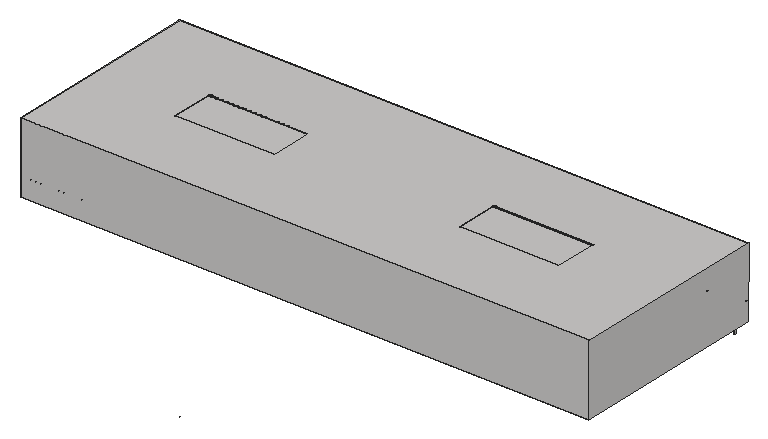
Revit family "QF_ELECTROLUXPROFESSIONAL_640277_VAP1240", category Specialty Equipment, Revit 2014
Reference planes
  plane 1: z = 0
  plane 2 "Center (Left/Right)": x = 150
  plane 3 "LEFT": x = -1850
  plane 4 "RIGHT": x = 2150
  plane 5 "BACK": y = 550
  plane 6 "TOP": z = 2500
  plane 7 "Base": z = 2000
  plane 8: z = 1970
  plane 9 "DrainY": y = 450
  plane 10: x = -1847
  plane 11 "DrainX": x = 2137
  plane 12 "AOLeft2": x = -500
  plane 13 "AORight1": x = 800
  plane 14: x = 2147
  plane 15: x = -1650
  plane 16: x = 1950
  plane 17: x = 50
  plane 18: x = 250
  plane 19 "AOLeft1": x = -1200
  plane 20 "AORight2": x = 1500
  plane 21: through (0, 550, 2133.855) normal (0, 0.5299, 0.848)
  plane 22: y = 0
  plane 23: y = -300
  plane 24: y = -150
  plane 25: y = -850
  plane 26: through (0, -850, 2133.855) normal (0, 0.5299, -0.848)
Forms (mm)
  Extrusion 1, solid, material "QF_Finishes_Stainless Steel"
    sketch origin (-1850, 0, 360) x (0, 1, 0) y (0, 0, 1)
      loop
        line (550, 1640) -> (550, 2140) -> (-850, 2140) -> (-850, 1640) -> (550, 1640)
    from 0 to 3
  Extrusion 2, solid, material "QF_Finishes_Stainless Steel"
    sketch origin (2150, 0, 360) x (0, 1, 0) y (0, 0, 1)
      loop
        line (550, 1640) -> (550, 2140) -> (-850, 2140) -> (-850, 1640) -> (550, 1640)
    from 0 to -3
  Extrusion 3, solid, material "QF_Finishes_Stainless Steel"
    sketch origin (150, 0, 360) x (0, 1, 0) y (0, 0, 1)
      loop
        line (-850, 2140) -> (-850, 1640) -> (-840, 1640) -> (-840, 1640.8) -> (-849.2, 1640.8) -> (-849.2, 2139.19) -> (549.2, 2139.19) -> (549.2, 1640.8) -> (540, 1640.8) -> (540, 1640) -> (550, 1640) -> (550, 2140) -> (-850, 2140)
    from -2000 to 2000
  Extrusion 4, solid, material "QF_Finishes_Stainless Steel"
    sketch origin (0, 0, 2000) x (0, 1, 0) y (-1, 0, 0)
      loop
        circle (450, -2137) r 4.763
    from -30 to 0
  Extrusion 5, void
    sketch origin (0, 400, 2500) x (0, 1, 0) y (-1, 0, 0)
      loop
        line (-400, 500) -> (-400, 1200) -> (-700, 1200) -> (-700, 500) -> (-400, 500)
    from 0 to -10
  Extrusion 6, solid, material "QF_Finishes_Stainless Steel"
    sketch origin (0, 0, 0) x (1, 0, 0) y (0, 1, 0)
      loop
        line (-1850, 550) -> (-1850, 549) -> (-1849, 549) -> (-1849, 550) -> (-1850, 550)
    from 0 to 1
  Extrusion 7, solid, material "QF_Finishes_Stainless Steel"
    sketch origin (150, 0, 360) x (0, 1, 0) y (0, 0, 1)
      loop
        line (503.5, 1837.574) -> (207.375, 2022.621) -> (192.198, 1998.364) -> (488.366, 1813.348) -> (503.5, 1837.574)
      loop
        line (-803.5, 1837.574) -> (-788.366, 1813.348) -> (-492.198, 1998.364) -> (-507.375, 2022.621) -> (-803.5, 1837.574)
    from -1800 to -1997
  Extrusion 8, solid, material "QF_Finishes_Stainless Steel"
    sketch origin (150, 0, 360) x (0, 1, 0) y (0, 0, 1)
      loop
        line (549.2, 1775.312) -> (472.742, 1823.075) -> (472.313, 1822.387) -> (549.2, 1774.355) -> (549.2, 1775.312)
      loop
        line (202.48, 1991.938) -> (126.212, 2039.602) -> (-426.212, 2039.602) -> (-502.48, 1991.938) -> (-502.063, 1991.27) -> (-426, 2038.801) -> (126, 2038.801) -> (202.063, 1991.27) -> (202.48, 1991.938)
      loop
        line (-849.2, 1775.312) -> (-849.2, 1774.355) -> (-772.313, 1822.387) -> (-772.742, 1823.075) -> (-849.2, 1775.312)
    from -1997 to 1997
  Extrusion 9, solid, material "QF_Finishes_Stainless Steel"
    sketch origin (150, 0, 360) x (0, 1, 0) y (0, 0, 1)
      loop
        line (-507.375, 2022.621) -> (-803.5, 1837.574) -> (-788.366, 1813.348) -> (-492.198, 1998.364) -> (-507.375, 2022.621)
      loop
        line (503.5, 1837.574) -> (207.375, 2022.621) -> (192.198, 1998.364) -> (488.366, 1813.348) -> (503.5, 1837.574)
    from 1997 to 1800
  Extrusion 10, solid, material "QF_Finishes_Stainless Steel"
    sketch origin (150, 0, 360) x (0, 1, 0) y (0, 0, 1)
      loop
        line (-507.375, 2022.621) -> (-803.5, 1837.574) -> (-788.366, 1813.348) -> (-492.198, 1998.364) -> (-507.375, 2022.621)
      loop
        line (503.5, 1837.574) -> (207.375, 2022.621) -> (192.198, 1998.364) -> (488.366, 1813.348) -> (503.5, 1837.574)
    from -100 to 100
  Extrusion 11, solid, material "QF_Finished_Chrome"
    sketch origin (150, 0, 360) x (0, 1, 0) y (0, 0, 1)
      loop
        line (503.5, 1837.574) -> (207.375, 2022.621) -> (192.198, 1998.364) -> (488.366, 1813.348) -> (503.5, 1837.574)
      loop
        line (-507.375, 2022.621) -> (-803.5, 1837.574) -> (-788.366, 1813.348) -> (-492.198, 1998.364) -> (-507.375, 2022.621)
    from -1800 to -100
  Extrusion 12, solid, material "QF_Finished_Chrome"
    sketch origin (150, 0, 360) x (0, 1, 0) y (0, 0, 1)
      loop
        line (-507.375, 2022.621) -> (-803.5, 1837.574) -> (-788.366, 1813.348) -> (-492.198, 1998.364) -> (-507.375, 2022.621)
      loop
        line (503.5, 1837.574) -> (207.375, 2022.621) -> (192.198, 1998.364) -> (488.366, 1813.348) -> (503.5, 1837.574)
    from 100 to 1800
  Sweep 13, solid, material "QF_Finishes_Stainless Steel"
    path origin (0, 0, 0) x (1, 0, 0) y (0, 1, 0)
      loop
        line (2150, 550) -> (-1850, 550) -> (-1850, -850) -> (2150, -850) -> (2150, 550)
    profile origin (2150, -150, 0) x (1, 0, 0) y (0, 0, 1)
      loop
        line (-3, 2000) -> (-3, 2000.8) -> (-19, 2000.8) -> (-19, 2010) -> (-20, 2010) -> (-20, 2000) -> (-3, 2000)
  Extrusion 14, void
    sketch origin (0, 400, 2500) x (0, 1, 0) y (-1, 0, 0)
      loop
        line (-400, -1500) -> (-400, -800) -> (-700, -800) -> (-700, -1500) -> (-400, -1500)
    from 0 to -10
Cuts and joins
  Extrusion 5, Extrusion 14 cuts Extrusion 3
  joined: Extrusion 2, Extrusion 3, Sweep 13
Lines and regions (mm)
  symbolic lines, style "SpecialityEquipment", detail levels coarse
    curve 1: line (2150, 550, 2500) -> (-1850, 550, 2500)
    curve 2: line (-1850, 550, 2500) -> (-1850, -850, 2500)
    curve 3: line (2150, -850, 2500) -> (2150, 550, 2500)
    curve 4: line (-1850, 550, 0) -> (2150, -850, 0)
    curve 5: line (2150, 550, 0) -> (-1850, -850, 0)
  symbolic lines, detail levels coarse
    curve 6: line (-1850, -850, 0) -> (2150, -850, 0)
    curve 7: line (-500, 0, 0) -> (-1200, 0, 0)
    curve 8: line (-500, -300, 0) -> (-500, 0, 0)
    curve 9: line (-1200, -300, 0) -> (-500, -300, 0)
    curve 10: line (-1200, 0, 0) -> (-1200, -300, 0)
    curve 11: line (1500, 0, 0) -> (800, 0, 0)
    curve 12: line (1500, -300, 0) -> (1500, 0, 0)
    curve 13: line (800, -300, 0) -> (1500, -300, 0)
    curve 14: line (800, 0, 0) -> (800, -300, 0)
Dimensions and locks
  plane 3 "LEFT" to plane 4 "RIGHT" = 4000 mm
  equal spacing: plane 3 "LEFT", plane 2 "Center (Left/Right)", plane 4 "RIGHT"
  plane 7 "Base" to plane 8 = 30 mm
  plane 5 "BACK" to plane 9 "DrainY" = 100 mm  (x2)
  plane 3 "LEFT" to plane 10 = 3 mm
  plane 11 "DrainX" to plane 4 "RIGHT" = 13 mm
  plane 14 to plane 4 "RIGHT" = 3 mm
  plane 3 "LEFT" to plane 15 = 200 mm
  plane 16 to plane 4 "RIGHT" = 200 mm
  locked: plane 12 "AOLeft2" to plane 13 "AORight1" at 1300
  equal spacing: plane 12 "AOLeft2", plane 2 "Center (Left/Right)", plane 13 "AORight1"
  locked: plane 7 "Base" to level at 2000
  locked: plane 6 "TOP" to plane 7 "Base" at 500
  locked: plane 17 to plane 18 at 200
  equal spacing: plane 17, plane 2 "Center (Left/Right)", plane 18
  plane 19 "AOLeft1" to plane 12 "AOLeft2" = 700 mm
  plane 13 "AORight1" to plane 20 "AORight2" = 700 mm
  plane 5 "BACK" to plane 25 = 1400 mm  (x2)
  equal spacing: plane 5 "BACK", plane 24, plane 25
  locked: plane 22 to plane 23 at 300
  equal spacing: plane 22, plane 24, plane 23
  aligned and locked: level to plane 1
  aligned and locked: plane 4 "RIGHT" to Extrusion 3
  aligned and locked: Extrusion 3 to plane 3 "LEFT"
  aligned and locked: Extrusion 7 to plane 10
  aligned and locked: Extrusion 7 to plane 15
  aligned and locked: Extrusion 2 to plane 14
  aligned and locked: plane 14 to Extrusion 9
  aligned and locked: plane 16 to Extrusion 9
  aligned and locked: plane 18 to Extrusion 10
  aligned and locked: Extrusion 10 to plane 17
  aligned and locked: plane 17 to Extrusion 11
  aligned and locked: Extrusion 11 to plane 15
  aligned and locked: Extrusion 12 to plane 18
  aligned and locked: Extrusion 12 to plane 16
  aligned and locked: Extrusion 8 to plane 10
  aligned and locked: plane 14 to Extrusion 8
  aligned and locked: Extrusion 5 to plane 19 "AOLeft1"
  aligned and locked: Extrusion 5 to plane 12 "AOLeft2"
  aligned and locked: plane 13 "AORight1" to Extrusion 14
  aligned and locked: plane 20 "AORight2" to Extrusion 14
  aligned and locked: plane 22 to curve 7
  aligned and locked: curve 9 to plane 23
  aligned and locked: plane 22 to curve 11
  aligned and locked: curve 13 to plane 23
  aligned and locked: plane 22 to Extrusion 5 sketch curve
  aligned and locked: Extrusion 5 sketch curve to plane 23
  aligned and locked: plane 22 to Extrusion 14 sketch curve
Automatic sketch dimensions
  Extrusion 1 sketch curve to plane 7 "Base" = 0 mm
  Extrusion 1 sketch curve to plane 5 "BACK" = 0 mm
  Extrusion 1 sketch curve to plane 6 "TOP" = 0 mm
  Extrusion 2 sketch curve to plane 7 "Base" = 0 mm
  Extrusion 2 sketch curve to plane 5 "BACK" = 0 mm
  Extrusion 2 sketch curve to plane 6 "TOP" = 0 mm
  Extrusion 3 sketch curve to plane 6 "TOP" = 0 mm
  Extrusion 3 sketch curve to plane 7 "Base" = 0 mm  (x2)
  Extrusion 3 sketch curve to plane 5 "BACK" = 0 mm
  Extrusion 3 sketch curve to Extrusion 3 sketch curve = 9.2 mm
  plane 7 "Base" to Extrusion 3 sketch curve = 0.8 mm  (x2)
  Extrusion 3 sketch curve to plane 5 "BACK" = 10 mm
  Extrusion 3 sketch curve to plane 5 "BACK" = 0.8 mm
  Extrusion 3 sketch curve to plane 6 "TOP" = 0.81 mm
  Extrusion 4 sketch curve to plane 9 "DrainY" = 0 mm
  Extrusion 4 sketch curve to plane 11 "DrainX" = 0 mm
  Extrusion 5 sketch curve to plane 12 "AOLeft2" = 0 mm
  Extrusion 5 sketch curve to plane 19 "AOLeft1" = 0 mm
  Extrusion 6 sketch curve to plane 3 "LEFT" = 0 mm
  Extrusion 6 sketch curve to plane 5 "BACK" = 0 mm
  plane 3 "LEFT" to Extrusion 6 sketch curve = 1 mm
  Extrusion 6 sketch curve to Extrusion 6 sketch curve = 1 mm
  Sweep 13 sketch curve to plane 3 "LEFT" = 0 mm
  Sweep 13 sketch curve to plane 4 "RIGHT" = 0 mm
  Sweep 13 sketch curve to plane 5 "BACK" = 0 mm
  profile plane to Sweep 13 sketch curve = 20 mm
  Sweep 13 sketch curve to Sweep 13 sketch curve = 1 mm
  profile plane to Sweep 13 sketch curve = 3 mm
  level to Sweep 13 sketch curve = 2000 mm
  Sweep 13 sketch curve to Sweep 13 sketch curve = 0.8 mm
  Sweep 13 sketch curve to Sweep 13 sketch curve = 9.2 mm
  Extrusion 14 sketch curve to plane 12 "AOLeft2" = 2000 mm
  plane 19 "AOLeft1" to Extrusion 14 sketch curve = 2000 mm
  Extrusion 11 sketch curve to plane 5 "BACK" = 46.5 mm
  plane 7 "Base" to Extrusion 11 sketch curve = 197.574 mm
  Extrusion 11 sketch curve to Extrusion 11 sketch curve = 15.134 mm  (x2)
  Extrusion 11 sketch curve to plane 6 "TOP" = 117.379 mm
  Extrusion 11 sketch curve to Extrusion 11 sketch curve = 24.226 mm  (x2)
  Extrusion 11 sketch curve to Extrusion 11 sketch curve = 15.177 mm  (x2)
  Extrusion 11 sketch curve to Extrusion 11 sketch curve = 24.257 mm  (x2)
  Extrusion 11 sketch curve to plane 6 "TOP" = 141.636 mm
  Extrusion 10 sketch curve to plane 6 "TOP" = 117.379 mm  (x2)
  Extrusion 10 sketch curve to Extrusion 10 sketch curve = 24.257 mm  (x2)
  Extrusion 10 sketch curve to Extrusion 10 sketch curve = 24.226 mm  (x2)
  Extrusion 10 sketch curve to Extrusion 10 sketch curve = 15.177 mm  (x2)
  plane 9 "DrainY" to Extrusion 10 sketch curve = 38.366 mm
  Extrusion 10 sketch curve to Extrusion 10 sketch curve = 15.134 mm  (x2)
  plane 7 "Base" to Extrusion 10 sketch curve = 173.348 mm  (x2)
  Extrusion 12 sketch curve to plane 6 "TOP" = 117.379 mm
  Extrusion 12 sketch curve to Extrusion 12 sketch curve = 15.177 mm  (x2)
  Extrusion 12 sketch curve to Extrusion 12 sketch curve = 24.257 mm  (x2)
  Extrusion 12 sketch curve to plane 6 "TOP" = 141.636 mm
  plane 7 "Base" to Extrusion 12 sketch curve = 197.574 mm  (x2)
  Extrusion 12 sketch curve to plane 9 "DrainY" = 257.802 mm
  plane 9 "DrainY" to Extrusion 12 sketch curve = 38.366 mm
  Extrusion 12 sketch curve to Extrusion 12 sketch curve = 15.134 mm  (x2)
  Extrusion 9 sketch curve to plane 6 "TOP" = 117.379 mm  (x2)
  Extrusion 9 sketch curve to Extrusion 9 sketch curve = 24.257 mm  (x2)
  Extrusion 9 sketch curve to Extrusion 9 sketch curve = 24.226 mm  (x2)
  Extrusion 9 sketch curve to plane 5 "BACK" = 46.5 mm
  plane 7 "Base" to Extrusion 9 sketch curve = 197.574 mm
  Extrusion 9 sketch curve to Extrusion 9 sketch curve = 15.134 mm  (x2)
  Extrusion 9 sketch curve to Extrusion 9 sketch curve = 15.177 mm  (x2)
  Extrusion 14 sketch curve to Extrusion 14 sketch curve = 300 mm
  Extrusion 1 sketch curve to plane 23 = 550 mm
  Extrusion 2 sketch curve to plane 23 = 550 mm
  Extrusion 3 sketch curve to plane 23 = 540 mm
  Extrusion 3 sketch curve to Extrusion 3 sketch curve = 0.8 mm
  Extrusion 9 sketch curve to plane 23 = 192.198 mm
  plane 7 "Base" to Extrusion 9 sketch curve = 173.348 mm
  Extrusion 10 sketch curve to plane 23 = 192.198 mm
  Extrusion 11 sketch curve to plane 23 = 192.198 mm
  plane 7 "Base" to Extrusion 11 sketch curve = 173.348 mm
  Extrusion 12 sketch curve to plane 23 = 192.198 mm
  plane 7 "Base" to Extrusion 12 sketch curve = 173.348 mm
  Sweep 13 sketch curve to plane 23 = 550 mm
  curve 5 to plane 3 "LEFT" = 0 mm
  curve 4 to plane 3 "LEFT" = 0 mm
  curve 10 to plane 19 "AOLeft1" = 0 mm
  curve 8 to plane 12 "AOLeft2" = 0 mm
  curve 14 to plane 13 "AORight1" = 0 mm
  curve 12 to plane 20 "AORight2" = 0 mm
  curve 5 to plane 4 "RIGHT" = 0 mm
  curve 6 to plane 4 "RIGHT" = 0 mm
  curve 4 to plane 5 "BACK" = 0 mm
  curve 5 to plane 5 "BACK" = 0 mm
  curve 6 to plane 25 = 0 mm
  plane 25 to Extrusion 8 sketch curve = 0.8 mm
  plane 25 to Extrusion 8 sketch curve = 77.258 mm
  Extrusion 8 sketch curve to Extrusion 8 sketch curve = 0.43 mm  (x2)
  Extrusion 8 sketch curve to plane 6 "TOP" = 100.398 mm
  Extrusion 8 sketch curve to plane 23 = 126.212 mm
  Extrusion 8 sketch curve to Extrusion 8 sketch curve = 0.418 mm  (x2)
  plane 22 to Extrusion 8 sketch curve = 126 mm
  Extrusion 8 sketch curve to Extrusion 8 sketch curve = 0.212 mm  (x2)
  Extrusion 8 sketch curve to Extrusion 8 sketch curve = 76.063 mm
  Extrusion 8 sketch curve to plane 6 "TOP" = 148.062 mm
  plane 9 "DrainY" to Extrusion 8 sketch curve = 22.313 mm
  Extrusion 8 sketch curve to plane 5 "BACK" = 0.8 mm
  plane 7 "Base" to Extrusion 8 sketch curve = 183.075 mm  (x2)
  Extrusion 8 sketch curve to Extrusion 8 sketch curve = 0.688 mm  (x2)
  Extrusion 8 sketch curve to Extrusion 8 sketch curve = 0.669 mm
  Extrusion 8 sketch curve to Extrusion 8 sketch curve = 0.801 mm
  Extrusion 8 sketch curve to Extrusion 8 sketch curve = 47.531 mm
  plane 25 to Extrusion 7 sketch curve = 46.5 mm
  Extrusion 7 sketch curve to Extrusion 7 sketch curve = 15.134 mm  (x2)
  Extrusion 7 sketch curve to plane 23 = 207.375 mm
  Extrusion 7 sketch curve to Extrusion 7 sketch curve = 15.177 mm  (x2)
  plane 22 to Extrusion 7 sketch curve = 192.198 mm
  plane 9 "DrainY" to Extrusion 7 sketch curve = 38.366 mm
  plane 7 "Base" to Extrusion 7 sketch curve = 173.348 mm  (x2)
  Extrusion 7 sketch curve to Extrusion 7 sketch curve = 24.226 mm  (x2)
  Extrusion 7 sketch curve to Extrusion 7 sketch curve = 24.257 mm  (x2)
  curve 2 to plane 3 "LEFT" = 0 mm
  curve 2 to plane 25 = 0 mm
  curve 3 to plane 4 "RIGHT" = 0 mm
  curve 3 to plane 25 = 0 mm
  curve 2 to plane 5 "BACK" = 0 mm
  radius of Extrusion 4 sketch curve = 4.763 mm
Connectors
  piping at (2137, 450, 1970), diameter 9.5
    settings: on Extrusion 4, index 1, connector inside diameter 609.6 mm, connector length 0 mm, flow factor 0, pipe flow 0.0 L/s, pressure drop 0.0 Pa, fitting loss kfactor 0, connector angle 0.00°, fixture units 0, engagement length 0 mm, angle of deflection 0.00°, flow configuration 1, flow direction 2, fitting loss method 0, system type 16, joint type 0, gender type 0, connector reference index -1, connector utility 0, adjustable connector no, is connector primary yes, connector description "Drain"
  hvac at (-850, -150, 2500)
    settings: on Extrusion 5, index 2, duct flow 0.0 L/s, flow factor 0, pres drop 0.0 Pa, loss coef 0, conn angle 0.00°, conn width 300 mm, conn height 700 mm, conn diameter 609.6 mm, duct sys type 3, conn prof type 1, flow config 1, flow direction 2, loss method 0, conn ref index -1, conn util no, is conn primary yes, conn desc "EXHAUST OUTLET"
  hvac at (1150, -150, 2500)
    settings: on Extrusion 14, index 3, duct flow 0.0 L/s, flow factor 0, pres drop 0.0 Pa, loss coef 0, conn angle 0.00°, conn width 300 mm, conn height 700 mm, conn diameter 609.6 mm, duct sys type 3, conn prof type 1, flow config 1, flow direction 2, loss method 0, conn ref index -1, conn util no, is conn primary no, conn desc "EXHAUST OUTLET"
